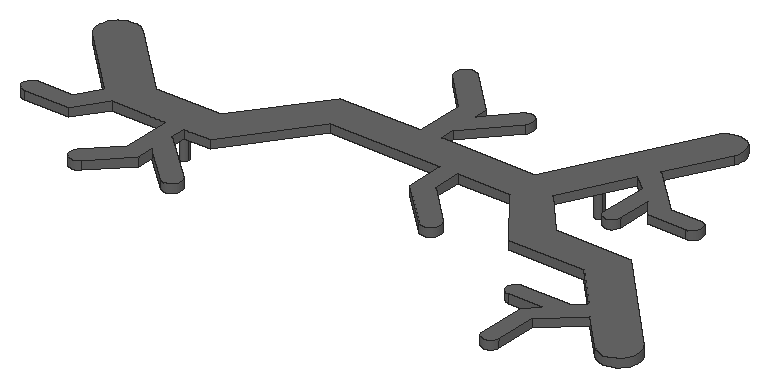
Revit family "Magnuson-TreeHooked-Wall_Mounted", category Furniture, host Face, Revit 2014
Parameters (values of type "TREE-1")
  Width = 23 1/4"
  URL = "www.magnusongroup.com"
  Type Comments = "TreeHooked"  # constant formula
  Support Finish = MAG - Paint Steel Coat Black
  Salvage or Reuse = yes
  Percentage of Recycled Content = 0
  Model = "TREE-1"
  Manufacturer = "MAGNUSON"  # constant formula
  Low Emitting Material = yes
  Low Emitting Finish = yes
  Keynote = "12500"
  Height = 10 5/8"
  Description = "Wall mounted coat rack."
  Depth = 1 3/16"
  Default Elevation = 48"
  Body Finish = MAG - Paint Steel Coat Black
  Assembly Code = "E2020200"
Reference planes (in)
  plane 1 "Center (Front/Back)": y = 0
  plane 2: z = 0
  plane 3 "Center (Left/Right)": x = 0
  plane 4: y = 5.7238
  plane 5: y = -5.7238
  plane 6: x = -9.98037
  plane 7: x = 9.98037
  plane 8: z = 1.187
  plane 9: z = 0.937
Forms (in)
  Extrusion 1, solid, material "MAG - Paint Steel Coat Black" <- "Body Finish"
    sketch origin (0, 0, 0) x (1, 0, 0) y (0, 1, 0)
      loop
        line (-7.41491, -2.23777) -> (-5.7678, -2.23777) -> (-5.7678, -3.68612) -> (-6.58843, -4.54593)
        arc (-6.58843, -4.54593) -> (-6.57883, -4.95739) -> (-6.16737, -4.9478) r 0.29103
        line (-6.16737, -4.9478) -> (-5.21877, -3.95389) -> (-5.21877, -3.4538) -> (-4.13765, -4.45845)
        arc (-4.13765, -4.45845) -> (-3.75489, -4.44461) -> (-3.76836, -4.06183) r 0.27096
        line (-3.76836, -4.06183) -> (-5.21877, -2.70874) -> (-5.21877, -2.23777) -> (-4.40967, -2.23777) -> (-2.68977, 0.12314) -> (0.65691, 0.12314) -> (0.65691, -1.01582) -> (1.93446, -2.28438)
        arc (1.93446, -2.28438) -> (2.34831, -2.28328) -> (2.34794, -1.86943) r 0.2929
        line (2.34794, -1.86943) -> (1.19064, -0.71213) -> (1.19064, 0.12314) -> (2.79185, 0.12314) -> (4.16226, -1.63535) -> (6.42703, -1.63535) -> (7.55054, -2.84989) -> (7.25409, -3.12412) -> (5.77665, -3.12412)
        arc (5.77665, -3.12412) -> (5.51682, -3.38395) -> (5.77665, -3.64378) r 0.25983
        line (5.77665, -3.64378) -> (6.7796, -3.64378) -> (6.42393, -3.99945) -> (6.42393, -5.46812)
        arc (6.42393, -5.46812) -> (6.67961, -5.7238) -> (6.93528, -5.46812) r 0.25567
        line (6.93528, -5.46812) -> (6.93528, -4.2163) -> (7.94797, -3.27952) -> (8.96294, -4.37673)
        arc (8.96294, -4.37673) -> (9.78727, -4.40883) -> (9.81936, -3.5845) r 0.58333
        line (9.81936, -3.5845) -> (6.98962, -0.52549) -> (4.69599, -0.52549) -> (3.59433, 0.73251) -> (4.5909, 2.66829) -> (5.04406, 2.32896) -> (5.04406, 0.87313)
        arc (5.04406, 0.87313) -> (5.29407, 0.62312) -> (5.54409, 0.87313) r 0.25001
        line (5.54409, 0.87313) -> (5.54409, 1.90134) -> (5.95806, 1.40496) -> (7.09542, 1.40496)
        arc (7.09542, 1.40496) -> (7.36906, 1.67861) -> (7.09542, 1.95225) r 0.27365
        line (7.09542, 1.95225) -> (6.20723, 1.95225) -> (4.87739, 3.22479) -> (5.75915, 4.93758)
        arc (5.75915, 4.93758) -> (5.52456, 5.67) -> (4.79214, 5.43541) r 0.54382
        line (4.79214, 5.43541) -> (2.63761, 1.25032) -> (-0.19515, 1.25032) -> (-0.19515, 1.69599) -> (0.95705, 2.99492)
        arc (0.95705, 2.99492) -> (0.93268, 3.40191) -> (0.52569, 3.37755) r 0.2883
        line (0.52569, 3.37755) -> (-0.19515, 2.56491) -> (-0.19515, 2.92296) -> (-1.43038, 4.17987)
        arc (-1.43038, 4.17987) -> (-1.85197, 4.18354) -> (-1.85564, 3.76195) r 0.29812
        line (-1.85564, 3.76195) -> (-0.81347, 2.7015) -> (-0.81347, 1.25032) -> (-3.27237, 1.25032) -> (-4.99943, -1.12041) -> (-6.97732, -1.12041) -> (-8.95337, 0.87444)
        arc (-8.95337, 0.87444) -> (-9.79323, 0.87842) -> (-9.7972, 0.03856) r 0.59387
        line (-9.7972, 0.03856) -> (-7.89601, -1.88071) -> (-8.34328, -2.56981) -> (-9.33769, -2.56981)
        arc (-9.33769, -2.56981) -> (-9.6192, -2.85133) -> (-9.33769, -3.13285) r 0.28152
        line (-9.33769, -3.13285) -> (-7.99586, -3.13285) -> (-7.41491, -2.23777)
    from 0.937 to 1.187
  Extrusion 2, solid, material "MAG - Paint Steel Coat Black" <- "Support Finish"
    sketch origin (0, 0, 0) x (1, 0, 0) y (0, 1, 0)
      loop
        circle (-5.64487, -1.68105) r 0.125
      loop
        circle (7.31043, -1.69277) r 0.125
      loop
        circle (3.77145, 2.27614) r 0.125
    from 0 to 0.937
Lines and regions (in)
  symbolic lines
    curve 1: line (-9.96916, 0, 0.937) -> (9.97448, 0, 0.937)
    curve 2: line (9.97448, 0, 1.187) -> (-9.96916, 0, 1.187)
    curve 3: line (9.97448, 0, 1.187) -> (9.97448, 0, 0.937)
    curve 4: line (-9.96916, 0, 1.187) -> (-9.96916, 0, 0.937)
    curve 5: line (7.37112, 0, 1.187) -> (7.37112, 0, 0.937)
    curve 6: line (6.20723, 0, 1.187) -> (6.20723, 0, 0.937)
    curve 7: line (5.82306, 0, 1.187) -> (5.82306, 0, 0.937)
    curve 8: line (2.63761, 0, 1.187) -> (2.63761, 0, 0.937)
    curve 9: line (1.03072, 0, 1.187) -> (1.03072, 0, 0.937)
    curve 10: line (-0.19515, 0, 1.187) -> (-0.19515, 0, 0.937)
    curve 11: line (-1.94515, 0, 1.187) -> (-1.94515, 0, 0.937)
    curve 12: line (-3.27237, 0, 1.187) -> (-3.27237, 0, 0.937)
    curve 13: line (-4.99943, 0, 1.187) -> (-4.99943, 0, 0.937)
    curve 14: line (-6.97732, 0, 1.187) -> (-6.97732, 0, 0.937)
    curve 15: line (-5.51987, 0, 0) -> (-5.51987, 0, 0.937)
    curve 16: line (-5.76987, 0, 0) -> (-5.76987, 0, 0.937)
    curve 17: line (-5.76987, 0, 0) -> (-5.51987, 0, 0)
    curve 18: line (3.89645, 0, 0.937) -> (3.89645, 0, 0)
    curve 19: line (3.64645, 0, 0.937) -> (3.64645, 0, 0)
    curve 20: line (3.64645, 0, 0) -> (3.89645, 0, 0)
    curve 21: line (7.43543, 0, 0.937) -> (7.43543, 0, 0)
    curve 22: line (7.18543, 0, 0.937) -> (7.18543, 0, 0)
    curve 23: line (7.18543, 0, 0) -> (7.43543, 0, 0)
Dimensions and locks (in)
  aligned and locked: plane 2 to host face
  aligned and locked: level to host face
  aligned and locked: plane 8 to Extrusion 1
  aligned and locked: Extrusion 1 to plane 9
  aligned and locked: Extrusion 2 to plane 2
  aligned and locked: plane 9 to Extrusion 2
  aligned and locked: curve 1 to Extrusion 1
  aligned and locked: curve 2 to Extrusion 1
  aligned and locked: curve 15 to Extrusion 2
  aligned and locked: curve 16 to Extrusion 2
  aligned and locked: curve 17 to Extrusion 2
